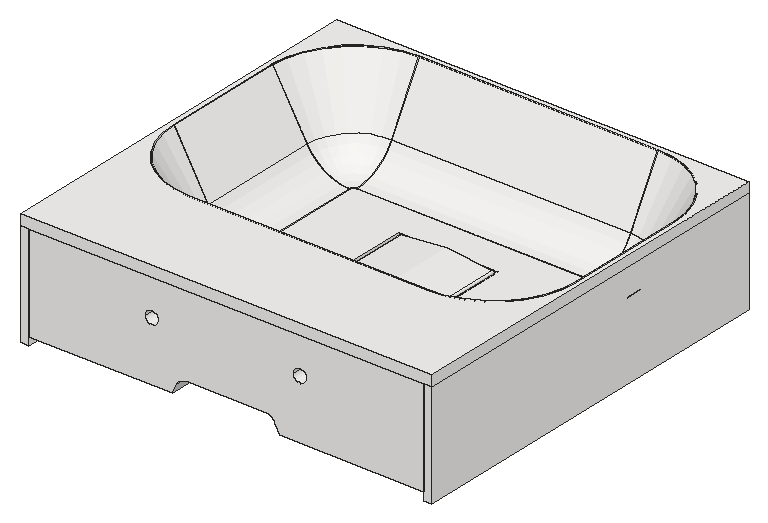
Revit family "Washbasins-hansgrohe-61091XXX-Xevolos E Countertop handrinse basin ground 500_480 without tap hole and overflow, SmartClean", category Plumbing Fixtures, Revit 2019
Family settings
  Round Connector Dimension = Use Diameter
  Part Type = Valve - Breaks Into
  OmniClass Number = 23.31.13.00
  Work Plane-Based = No
  Always vertical = Yes
  Cut with Voids When Loaded = No
  Shared = Yes
  Room Calculation Point = No
Parameters (values of type "61091-61091450-GLOSSY_WHITE-400")
  X2 = 0
  X1 = 180
  WEIGHT = "13.5"
  UNSPSC = "301815 | Sanitary ware"
  UNIFORMATII = "D2010 | Plumbing Fixtures"
  UNICLASS_2015_CODE = "40_20_96"
  UNICLASS2015 = "Pr_40_20_96 | Wash basins, sinks and troughs"
  TYP = 1
  TAP = 0
  SURFACE = "GLOSSY_WHITE"
  SPECIFICATION = "Surfaces:  - 61091450 White   Specification:  • consists of: countertop handrinse basin ground, waste set, cover  • material: ceramic  • SmartClean: dirt-repellent glaze • degree of gloss: glossy  • sanded basin underside • ceramic cover included • without tap hole • without overflow • without shelf • non-closing waste set • 500 x 480 mm • type of installation: built on and wall mounted  • suitable for cabinet"
  REGION = "Worldwide"
  PRODUCTURL = "https://pro.hansgrohe.com/articledetail--61091450"
  PRODUCTGROUP = "Washbasins"
  PRODUCTFAMILY = "Xevolos E"
  PERMALINK = "61091XXX"
  OMNICLASS = "23-31 13 00 | Sinks"
  OBJECTTYPE = "Object (single object)"
  NN = "Xevolos Washbasin"
  NBSYN = "$BASENUMBER.-$ARTNR.-$SURFACE.-$LODLEVEL."
  NB = "61091-61091450-GLOSSY_WHITE-400"
  NAME = "Xevolos E Countertop handrinse basin ground 500/480 without tap hole and overflow, SmartClean"
  Model = "61091-61091450-GLOSSY_WHITE-400"
  Manufacturer = "Hansgrohe"
  MIdent = "{$CADENAS_DATA/23d-libs/hansgrohe/xevolos_washbasin/xevolos_washbasin.prj},222 {VTYP=3D},{NB=61091-61091450-GLOSSY_WHITE-400},{LINA=61091-61091450-GLOSSY_WHITE-400},{NN=Xevolos Washbasin},{DATE=13.03.2023 11:34:45},{GEOMDATE=13.03.2023 11:34:00},{VERSION=},{LINEID=900},{WBVAR=LODLEVEL},{WBNUMERIC=}  {NB=61091-61091450-GLOSSY_WHITE-400},{LINA=61091-61091450-GLOSSY_WHITE-400},{KT=DUMMY},{IDNR=4},{ARTNR=61091450},{BASENUMBER=61091},{MODEL=61091XXX},{SURFACE=GLOSSY_WHITE},{LODLEVEL=400},{LODLEVELX='400','400','200','200'},{L=500.000},{LI=320.000},{X1=180.000},{X2=0.000},{DO=46.000},{DOT=35.000},{TAP=0},{TYP=1},{NAME=Xevolos E Countertop handrinse basin ground 500/480 without tap hole and overflow, SmartClean},{PERMALINK=61091XXX},{OBJECTTYPE=Object (single object)},{BIMOBJECT=Sanitary: Wash Basins},{PRODUCTFAMILY=Xevolos E},{PRODUCTGROUP=Washbasins},{WEIGHT=13.5},{DESCRIPTION=Xevolos E Countertop handrinse basin ground 500/480 without tap hole and overflow, SmartClean},{SPECIFICATION=Surfaces:  - 61091450 White   Specification:  • consists of: countertop handrinse basin ground, waste set, cover  • material: ceramic  • SmartClean: dirt-repellent glaze • degree of gloss: glossy  • sanded basin underside • ceramic cover included • without tap hole • without overflow • without shelf • non-closing waste set • 500 x 480 mm • type of installation: built on and wall mounted  • suitable for cabinet},{PRODUCTURL=https://pro.hansgrohe.com/articledetail--61091450},{GTINCODE=4059625420881},{IFC=Sanitary Terminal},{ETIM=EC011550 | Washbasin},{UNICLASS2015=Pr_40_20_96 | Wash basins, sinks and troughs},{OMNICLASS=23-31 13 00 | Sinks},{MASTERFORMAT=22 41 16.13 | Residential Lavatories},{UNSPSC=301815 | Sanitary ware},{UNIFORMATII=D2010 | Plumbing Fixtures},{REGION=Worldwide},{DESIGN=Germany},{MANUFACTURER=Germany}"
  MASTERFORMAT = "22 41 16.13 | Residential Lavatories"
  LODLEVEL = "400"
  LINA = "61091-61091450-GLOSSY_WHITE-400"
  LI = 320
  L = 500
  IFC = "Sanitary Terminal"
  GTINCODE = "4059625420881"
  ETIM = "EC011550 | Washbasin"
  DOT = 35
  DO = 46
  DESIGN = "Germany"
  CNSPipeRound/cp_Ausgang_1_V = no
  CATALOG = "Hansgrohe"
  BIMOBJECT = "Sanitary: Wash Basins"
  BASENUMBER = "61091"
  ARTNR = "61091450"
  61091-61091450-GLOSSY_WHITE-400_RX0RY0RZ0TX0TY0TZ0_V = yes
  61091-61091450-GLOSSY_WHITE-200_RX0RY0RZ0TX0TY0TZ0_V = no
Types (3, lengths in mm): name | NB | Model | MIdent | LODLEVEL | LINA | 61091-61091450-GLOSSY_WHITE-400_RX0RY0RZ0TX0TY0TZ0_V | 61091-61091450-GLOSSY_WHITE-200_RX0RY0RZ0TX0TY0TZ0_V
  (no name) | "61091-61091450-GLOSSY_WHITE-400" | "61091-61091450-GLOSSY_WHITE-400" | "{$CADENAS_DATA/23d-libs/hansgrohe/xevolos_washbasin/xevolos_washbasin.prj},222 {VTYP=3D},{NB=61091-61091450-GLOSSY_WHITE-400},{LINA=61091-61091450-GLOSSY_WHITE-400},{NN=Xevolos Washbasin},{DATE=13.03.2023 11:34:45},{GEOMDATE=13.03.2023 11:34:00},{VERSION=},{LINEID=900},{WBVAR=LODLEVEL},{WBNUMERIC=}  {NB=61091-61091450-GLOSSY_WHITE-400},{LINA=61091-61091450-GLOSSY_WHITE-400},{KT=DUMMY},{IDNR=4},{ARTNR=61091450},{BASENUMBER=61091},{MODEL=61091XXX},{SURFACE=GLOSSY_WHITE},{LODLEVEL=400},{LODLEVELX='400','400','200','200'},{L=500.000},{LI=320.000},{X1=180.000},{X2=0.000},{DO=46.000},{DOT=35.000},{TAP=0},{TYP=1},{NAME=Xevolos E Countertop handrinse basin ground 500/480 without tap hole and overflow, SmartClean},{PERMALINK=61091XXX},{OBJECTTYPE=Object (single object)},{BIMOBJECT=Sanitary: Wash Basins},{PRODUCTFAMILY=Xevolos E},{PRODUCTGROUP=Washbasins},{WEIGHT=13.5},{DESCRIPTION=Xevolos E Countertop handrinse basin ground 500/480 without tap hole and overflow, SmartClean},{SPECIFICATION=Surfaces:  - 61091450 White   Specification:  • consists of: countertop handrinse basin ground, waste set, cover  • material: ceramic  • SmartClean: dirt-repellent glaze • degree of gloss: glossy  • sanded basin underside • ceramic cover included • without tap hole • without overflow • without shelf • non-closing waste set • 500 x 480 mm • type of installation: built on and wall mounted  • suitable for cabinet},{PRODUCTURL=https://pro.hansgrohe.com/articledetail--61091450},{GTINCODE=4059625420881},{IFC=Sanitary Terminal},{ETIM=EC011550 | Washbasin},{UNICLASS2015=Pr_40_20_96 | Wash basins, sinks and troughs},{OMNICLASS=23-31 13 00 | Sinks},{MASTERFORMAT=22 41 16.13 | Residential Lavatories},{UNSPSC=301815 | Sanitary ware},{UNIFORMATII=D2010 | Plumbing Fixtures},{REGION=Worldwide},{DESIGN=Germany},{MANUFACTURER=Germany}" | "400" | "61091-61091450-GLOSSY_WHITE-400" | yes | yes
  61091-61091450-GLOSSY_WHITE-200 | "61091-61091450-GLOSSY_WHITE-200" | "61091-61091450-GLOSSY_WHITE-200" | "{$CADENAS_DATA/23d-libs/hansgrohe/xevolos_washbasin/xevolos_washbasin.prj},222 {VTYP=3D},{NB=61091-61091450-GLOSSY_WHITE-200},{LINA=61091-61091450-GLOSSY_WHITE-200},{NN=Xevolos Washbasin},{DATE=13.03.2023 11:34:45},{GEOMDATE=13.03.2023 11:34:00},{VERSION=},{LINEID=900},{WBVAR=LODLEVEL},{WBNUMERIC=}  {NB=61091-61091450-GLOSSY_WHITE-200},{LINA=61091-61091450-GLOSSY_WHITE-200},{KT=DUMMY},{IDNR=4},{ARTNR=61091450},{BASENUMBER=61091},{MODEL=61091XXX},{SURFACE=GLOSSY_WHITE},{LODLEVEL=200},{LODLEVELX='400','400','200','200'},{L=500.000},{LI=320.000},{X1=180.000},{X2=0.000},{DO=46.000},{DOT=35.000},{TAP=0},{TYP=1},{NAME=Xevolos E Countertop handrinse basin ground 500/480 without tap hole and overflow, SmartClean},{PERMALINK=61091XXX},{OBJECTTYPE=Object (single object)},{BIMOBJECT=Sanitary: Wash Basins},{PRODUCTFAMILY=Xevolos E},{PRODUCTGROUP=Washbasins},{WEIGHT=13.5},{DESCRIPTION=Xevolos E Countertop handrinse basin ground 500/480 without tap hole and overflow, SmartClean},{SPECIFICATION=Surfaces:  - 61091450 White   Specification:  • consists of: countertop handrinse basin ground, waste set, cover  • material: ceramic  • SmartClean: dirt-repellent glaze • degree of gloss: glossy  • sanded basin underside • ceramic cover included • without tap hole • without overflow • without shelf • non-closing waste set • 500 x 480 mm • type of installation: built on and wall mounted  • suitable for cabinet},{PRODUCTURL=https://pro.hansgrohe.com/articledetail--61091450},{GTINCODE=4059625420881},{IFC=Sanitary Terminal},{ETIM=EC011550 | Washbasin},{UNICLASS2015=Pr_40_20_96 | Wash basins, sinks and troughs},{OMNICLASS=23-31 13 00 | Sinks},{MASTERFORMAT=22 41 16.13 | Residential Lavatories},{UNSPSC=301815 | Sanitary ware},{UNIFORMATII=D2010 | Plumbing Fixtures},{REGION=Worldwide},{DESIGN=Germany},{MANUFACTURER=Germany}" | "200" | "61091-61091450-GLOSSY_WHITE-200" | no | yes
  61091-61091450-GLOSSY_WHITE-400 | "61091-61091450-GLOSSY_WHITE-400" | "61091-61091450-GLOSSY_WHITE-400" | "{$CADENAS_DATA/23d-libs/hansgrohe/xevolos_washbasin/xevolos_washbasin.prj},222 {VTYP=3D},{NB=61091-61091450-GLOSSY_WHITE-400},{LINA=61091-61091450-GLOSSY_WHITE-400},{NN=Xevolos Washbasin},{DATE=13.03.2023 11:34:45},{GEOMDATE=13.03.2023 11:34:00},{VERSION=},{LINEID=900},{WBVAR=LODLEVEL},{WBNUMERIC=}  {NB=61091-61091450-GLOSSY_WHITE-400},{LINA=61091-61091450-GLOSSY_WHITE-400},{KT=DUMMY},{IDNR=4},{ARTNR=61091450},{BASENUMBER=61091},{MODEL=61091XXX},{SURFACE=GLOSSY_WHITE},{LODLEVEL=400},{LODLEVELX='400','400','200','200'},{L=500.000},{LI=320.000},{X1=180.000},{X2=0.000},{DO=46.000},{DOT=35.000},{TAP=0},{TYP=1},{NAME=Xevolos E Countertop handrinse basin ground 500/480 without tap hole and overflow, SmartClean},{PERMALINK=61091XXX},{OBJECTTYPE=Object (single object)},{BIMOBJECT=Sanitary: Wash Basins},{PRODUCTFAMILY=Xevolos E},{PRODUCTGROUP=Washbasins},{WEIGHT=13.5},{DESCRIPTION=Xevolos E Countertop handrinse basin ground 500/480 without tap hole and overflow, SmartClean},{SPECIFICATION=Surfaces:  - 61091450 White   Specification:  • consists of: countertop handrinse basin ground, waste set, cover  • material: ceramic  • SmartClean: dirt-repellent glaze • degree of gloss: glossy  • sanded basin underside • ceramic cover included • without tap hole • without overflow • without shelf • non-closing waste set • 500 x 480 mm • type of installation: built on and wall mounted  • suitable for cabinet},{PRODUCTURL=https://pro.hansgrohe.com/articledetail--61091450},{GTINCODE=4059625420881},{IFC=Sanitary Terminal},{ETIM=EC011550 | Washbasin},{UNICLASS2015=Pr_40_20_96 | Wash basins, sinks and troughs},{OMNICLASS=23-31 13 00 | Sinks},{MASTERFORMAT=22 41 16.13 | Residential Lavatories},{UNSPSC=301815 | Sanitary ware},{UNIFORMATII=D2010 | Plumbing Fixtures},{REGION=Worldwide},{DESIGN=Germany},{MANUFACTURER=Germany}" | "400" | "61091-61091450-GLOSSY_WHITE-400" | yes | no
Reference planes
  plane 1 "Center (Front/Back)": y = 0
  plane 2: z = 0
  plane 3 "Center (Left/Right)": x = 0
Dimensions and locks
  aligned and locked: level to plane 2
Nested families
  nested 1: "61091-61091450-glossy_white-200_content" at (0, 0, 0), visible <- "61091-61091450-GLOSSY_WHITE-200_RX0RY0RZ0TX0TY0TZ0_V", ContentVisible <- "61091-61091450-GLOSSY_WHITE-200_RX0RY0RZ0TX0TY0TZ0_V", type "61091-61091450-GLOSSY_WHITE-200_Content"
    with ContentVisible no
  nested 2: "61091-61091450-glossy_white-400_content" at (0, 0, 0), visible <- "61091-61091450-GLOSSY_WHITE-400_RX0RY0RZ0TX0TY0TZ0_V", ContentVisible <- "61091-61091450-GLOSSY_WHITE-400_RX0RY0RZ0TX0TY0TZ0_V", type "61091-61091450-GLOSSY_WHITE-400_Content"
    with ContentVisible yes
  nested 3: "ConnectorHost2019" at (0, 0, 0), visible <- "CNSPipeRound/cp_Ausgang_1_V", type "ConnectorHost2019"
    with Visible no, TransZ 0 mm, TransY 0 mm, TransX 0 mm, ScaleZ 1 mm, ScaleY 1 mm, ScaleX 1 mm, RotZ 180.00°, RotY 360.00°, RotX 180.00°
Connectors
  piping at (0, 0, 0), diameter 46
    settings: on nested 3, index 1, connector inside diameter 609.6 mm, connector length 0 mm, flow factor 0, pipe flow 0.0 L/s, pressure drop 0.0 Pa, fitting loss kfactor 0, connector angle 0.00°, fixture units 0, engagement length 0 mm, angle of deflection 0.00°, flow configuration 0, flow direction 2, fitting loss method 0, system type 29, joint type 0, gender type 0, connector reference index -1, connector utility 0, adjustable connector no, is connector primary yes, connector description ""
Definition of nested family "61091-61091450-glossy_white-400_content"
  Parameters (values of type "61091-61091450-GLOSSY_WHITE-400_Content")
    X2 = 0
    X1 = 180
    WEIGHT = "13.5"
    UNSPSC = "301815 | Sanitary ware"
    UNIFORMATII = "D2010 | Plumbing Fixtures"
    UNICLASS_2015_CODE = "40_20_96"
    UNICLASS2015 = "Pr_40_20_96 | Wash basins, sinks and troughs"
    TYP = 1
    TAP = 0
    SURFACE = "GLOSSY_WHITE"
    SPECIFICATION = "Surfaces:  - 61091450 White   Specification:  • consists of: countertop handrinse basin ground, waste set, cover  • material: ceramic  • SmartClean: dirt-repellent glaze • degree of gloss: glossy  • sanded basin underside • ceramic cover included • without tap hole • without overflow • without shelf • non-closing waste set • 500 x 480 mm • type of installation: built on and wall mounted  • suitable for cabinet"
    REGION = "Worldwide"
    PRODUCTURL = "https://pro.hansgrohe.com/articledetail--61091450"
    PRODUCTGROUP = "Washbasins"
    PRODUCTFAMILY = "Xevolos E"
    PERMALINK = "61091XXX"
    OMNICLASS = "23-31 13 00 | Sinks"
    OBJECTTYPE = "Object (single object)"
    NN = "Xevolos Washbasin"
    NBSYN = "$BASENUMBER.-$ARTNR.-$SURFACE.-$LODLEVEL."
    NB = "61091-61091450-GLOSSY_WHITE-400"
    NAME = "Xevolos E Countertop handrinse basin ground 500/480 without tap hole and overflow, SmartClean"
    Model = "61091-61091450-GLOSSY_WHITE-400"
    Manufacturer = "Hansgrohe"
    MASTERFORMAT = "22 41 16.13 | Residential Lavatories"
    LODLEVEL = "400"
    LINA = "61091-61091450-GLOSSY_WHITE-400"
    LI = 320
    L = 500
    IFC = "Sanitary Terminal"
    GTINCODE = "4059625420881"
    ETIM = "EC011550 | Washbasin"
    Default Elevation = 1219.2 mm
    DOT = 35
    DO = 46
    DESIGN = "Germany"
    ContentVisible [instance] = yes
    CATALOG = "Hansgrohe"
    BIMOBJECT = "Sanitary: Wash Basins"
    BASENUMBER = "61091"
    ARTNR = "61091450"
  Reference planes
    plane 1 "Center (Front/Back)": y = 0
    plane 2: z = 0
    plane 3 "Center (Left/Right)": x = 0
  Forms (mm)
    Extrusion 1, solid, visible <- "ContentVisible", detail levels medium+fine
      sketch origin (0, -295, 7) x (0, 0, -1) y (0, -1, 0)
        loop
          line (-140, -474) -> (-121, -474) -> (-62.906, -440.46)
          arc (-62.906, -440.46) -> (-37.353, -414.906) -> (-28, -380) r 69.813
          line (-28, -380) -> (-37.5, -380)
          arc (-37.5, -380) -> (-45.58, -410.156) -> (-67.656, -432.232) r 60.313
          line (-67.656, -432.232) -> (-140, -474)
      from -145 to 145
    Revolve 2, solid, visible <- "ContentVisible", detail levels medium+fine
      sketch origin (-145, -295, 7) x (0, 0, -1) y (0, -1, 0)
        loop
          line (-140, -474) -> (-121, -474) -> (-62.906, -440.46)
          arc (-62.906, -440.46) -> (-37.353, -414.906) -> (-28, -380) r 69.813
          line (-28, -380) -> (-37.5, -380)
          arc (-37.5, -380) -> (-45.58, -410.156) -> (-67.656, -432.232) r 60.313
          line (-67.656, -432.232) -> (-140, -474)
        axis (-140, -375) -> (-28, -375)
      angle from -90 to 0
    Extrusion 3, solid, visible <- "ContentVisible", detail levels medium+fine
      sketch origin (0, -70, 7) x (-1, 0, 0) y (0, 0, -1)
        loop
          line (150, -28) -> (150, -37.5)
          arc (150, -37.5) -> (180.156, -45.58) -> (202.232, -67.656) r 60.313
          line (202.232, -67.656) -> (244, -140) -> (244, -121) -> (210.46, -62.906)
          arc (210.46, -62.906) -> (184.906, -37.353) -> (150, -28) r 69.813
      from -150 to 0
    Revolve 4, solid, visible <- "ContentVisible", detail levels medium+fine
      sketch origin (-145, -295, 7) x (0, 0, -1) y (0, -1, 0)
        loop
          line (-140, -126) -> (-67.656, -167.768)
          arc (-67.656, -167.768) -> (-45.58, -189.844) -> (-37.5, -220) r 60.313
          line (-37.5, -220) -> (-28, -220)
          arc (-28, -220) -> (-37.353, -185.094) -> (-62.906, -159.54) r 69.813
          line (-62.906, -159.54) -> (-121, -126) -> (-140, -126)
        axis (-28, -225) -> (-140, -225)
      angle from -90 to 0
    Extrusion 5, solid, visible <- "ContentVisible", detail levels medium+fine
      sketch origin (0, -295, 7) x (0, 0, -1) y (0, -1, 0)
        loop
          line (-140, -126) -> (-67.656, -167.768)
          arc (-67.656, -167.768) -> (-45.58, -189.844) -> (-37.5, -220) r 60.313
          line (-37.5, -220) -> (-28, -220)
          arc (-28, -220) -> (-37.353, -185.094) -> (-62.906, -159.54) r 69.813
          line (-62.906, -159.54) -> (-121, -126) -> (-140, -126)
      from -145 to 145
    Revolve 6, solid, visible <- "ContentVisible", detail levels medium+fine
      sketch origin (145, -295, 7) x (0, 0, -1) y (0, -1, 0)
        loop
          line (-140, -126) -> (-67.656, -167.768)
          arc (-67.656, -167.768) -> (-45.58, -189.844) -> (-37.5, -220) r 60.313
          line (-37.5, -220) -> (-28, -220)
          arc (-28, -220) -> (-37.353, -185.094) -> (-62.906, -159.54) r 69.813
          line (-62.906, -159.54) -> (-121, -126) -> (-140, -126)
        axis (-28, -225) -> (-140, -225)
      angle from 0 to 90
    Extrusion 7, solid, visible <- "ContentVisible", detail levels medium+fine
      sketch origin (0, -70, 7) x (-1, 0, 0) y (0, 0, -1)
        loop
          line (-244, -121) -> (-244, -140) -> (-202.232, -67.656)
          arc (-202.232, -67.656) -> (-180.156, -45.58) -> (-150, -37.5) r 60.313
          line (-150, -37.5) -> (-150, -28)
          arc (-150, -28) -> (-184.906, -37.353) -> (-210.46, -62.906) r 69.813
          line (-210.46, -62.906) -> (-244, -121)
      from -150 to 0
    Revolve 8, solid, visible <- "ContentVisible", detail levels medium+fine
      sketch origin (145, -295, 7) x (0, 0, -1) y (0, -1, 0)
        loop
          line (-140, -474) -> (-121, -474) -> (-62.906, -440.46)
          arc (-62.906, -440.46) -> (-37.353, -414.906) -> (-28, -380) r 69.813
          line (-28, -380) -> (-37.5, -380)
          arc (-37.5, -380) -> (-45.58, -410.156) -> (-67.656, -432.232) r 60.313
          line (-67.656, -432.232) -> (-140, -474)
        axis (-140, -375) -> (-28, -375)
      angle from 0 to 90
    Extrusion 9, solid, visible <- "ContentVisible", detail levels medium+fine
      sketch origin (0, -295, 35) x (-1, 0, 0) y (0, -1, 0)
        loop
          line (-150, -225) -> (-150, -375)
          arc (-150, -375) -> (-148.536, -378.536) -> (-145, -380) r 5
          line (-145, -380) -> (145, -380)
          arc (145, -380) -> (148.536, -378.536) -> (150, -375) r 5
          line (150, -375) -> (150, -225)
          arc (150, -225) -> (148.536, -221.464) -> (145, -220) r 5
          line (145, -220) -> (-145, -220)
          arc (-145, -220) -> (-148.536, -221.464) -> (-150, -225) r 5
        loop
          line (-60, -252.5) -> (-60, -337.5) -> (60, -337.5) -> (60, -252.5) -> (-60, -252.5)
      from 0 to 9.5
    Extrusion 10, solid, visible <- "ContentVisible", detail levels medium+fine
      sketch origin (0, -295, 147) x (-1, 0, 0) y (0, -1, 0)
        loop
          line (-250, -480) -> (250, -480) -> (250, 0) -> (-250, 0) -> (-250, -480)
        loop
          line (-244, -226) -> (-244, -374)
          arc (-244, -374) -> (-214.711, -444.711) -> (-144, -474) r 100
          line (-144, -474) -> (144, -474)
          arc (144, -474) -> (214.711, -444.711) -> (244, -374) r 100
          line (244, -374) -> (244, -226)
          arc (244, -226) -> (214.711, -155.289) -> (144, -126) r 100
          line (144, -126) -> (-144, -126)
          arc (-144, -126) -> (-214.711, -155.289) -> (-244, -226) r 100
      from -13 to 0
    Extrusion 11, solid, visible <- "ContentVisible", detail levels medium+fine
      sketch origin (0, -295, 134) x (-1, 0, 0) y (0, -1, 0)
        loop
          line (-250, -480) -> (250, -480) -> (250, 0) -> (240, 0) -> (240, -470) -> (-240, -470) -> (-240, 0) -> (-250, 0) -> (-250, -480)
      from -127 to 0
    Extrusion 12, solid, visible <- "ContentVisible", detail levels medium+fine
      sketch origin (0, -295, 17) x (-1, 0, 0) y (0, -1, 0)
        loop
          line (-240, -35) -> (-240, -470) -> (240, -470) -> (240, -35) -> (200, -35) -> (200, -380)
          arc (200, -380) -> (185.355, -415.355) -> (150, -430) r 50
          line (150, -430) -> (-150, -430)
          arc (-150, -430) -> (-185.355, -415.355) -> (-200, -380) r 50
          line (-200, -380) -> (-200, -35) -> (-240, -35)
      from 0 to 50
    Extrusion 13, solid, visible <- "ContentVisible", detail levels medium+fine
      sketch origin (0, -295, 7) x (-1, 0, 0) y (0, 0, -1)
        loop
          line (-240, -10) -> (-240, -127) -> (240, -127) -> (240, -10) -> (65, -10) -> (59.568, -21.649)
          arc (59.568, -21.649) -> (55.509, -26.277) -> (49.599, -28) r 11
          line (49.599, -28) -> (-49.599, -28)
          arc (-49.599, -28) -> (-55.509, -26.277) -> (-59.568, -21.649) r 11
          line (-59.568, -21.649) -> (-65, -10) -> (-240, -10)
      from -35 to 0
    Extrusion 14, solid, visible <- "ContentVisible", detail levels medium+fine
      sketch origin (-160, -295, 7) x (0, 0, -1) y (0, -1, 0)
        loop
          line (-127, -35) -> (-127, -127.732) -> (-65.156, -163.437)
          arc (-65.156, -163.437) -> (-41.25, -187.344) -> (-32.5, -220) r 65.313
          line (-32.5, -220) -> (-32.5, -380)
          arc (-32.5, -380) -> (-39.303, -409.023) -> (-58.294, -432) r 65.313
          line (-58.294, -432) -> (-30.544, -432) -> (-10, -40) -> (-10, -35) -> (-127, -35)
      from 0 to 50
    Extrusion 15, solid, visible <- "ContentVisible", detail levels medium+fine
      sketch origin (160, -295, 7) x (0, 0, -1) y (0, -1, 0)
        loop
          line (-127, -35) -> (-127, -127.732) -> (-65.156, -163.437)
          arc (-65.156, -163.437) -> (-41.25, -187.344) -> (-32.5, -220) r 65.313
          line (-32.5, -220) -> (-32.5, -380)
          arc (-32.5, -380) -> (-39.303, -409.023) -> (-58.294, -432) r 65.313
          line (-58.294, -432) -> (-30.544, -432) -> (-10, -40) -> (-10, -35) -> (-127, -35)
      from -50 to 0
    Extrusion 16, solid, visible <- "ContentVisible", detail levels medium+fine
      sketch origin (0, -295, 17) x (-1, 0, 0) y (0, -1, 0)
        loop
          line (-72, -261.5) -> (-72, -328.5)
          arc (-72, -328.5) -> (-65.703, -343.703) -> (-50.5, -350) r 21.5
          line (-50.5, -350) -> (50.5, -350)
          arc (50.5, -350) -> (65.703, -343.703) -> (72, -328.5) r 21.5
          line (72, -328.5) -> (72, -261.5)
          arc (72, -261.5) -> (65.703, -246.297) -> (50.5, -240) r 21.5
          line (50.5, -240) -> (-50.5, -240)
          arc (-50.5, -240) -> (-65.703, -246.297) -> (-72, -261.5) r 21.5
      from 0 to 18
    Revolve 17, solid, visible <- "ContentVisible", detail levels medium+fine
      sketch origin (0, 0, 7) x (-1, 0, 0) y (0, 0, -1)
        loop
          line (23, -4.5) -> (42.5, -27.441) -> (42.5, -10) -> (34, 0) -> (34, 7) -> (23, 7) -> (23, -4.5)
        axis (0, -27.441) -> (0, 7)
      angle from -360 to 0
    Extrusion 18, solid, visible <- "ContentVisible", detail levels medium+fine
      sketch origin (0, -295, -3) x (-1, 0, 0) y (0, -1, 0)
        loop
          circle (0, -295) r 7.5
      from 0 to 41
    Extrusion 19, solid, visible <- "ContentVisible", detail levels medium+fine
      sketch origin (0, -295, 38) x (-1, 0, 0) y (0, -1, 0)
        loop
          circle (0, -295) r 32.5
      from 0 to 2
    Extrusion 20, solid, visible <- "ContentVisible", detail levels medium+fine
      sketch origin (0, 0, 7) x (-1, 0, 0) y (0, 0, -1)
        loop
          arc (-54.85, -33) -> (-57.5, -35.65) -> (-54.85, -38.3) r 2.65
          arc (-54.85, -38.3) -> (0, -43.036) -> (54.85, -38.3) r 320
          arc (54.85, -38.3) -> (57.5, -35.65) -> (54.85, -33) r 2.65
          line (54.85, -33) -> (-54.85, -33)
      from -40 to 40
    Extrusion 21, void, detail levels medium+fine
      sketch origin (0, -295, 7) x (-1, 0, 0) y (0, 0, -1)
        loop
          circle (90, -83) r 8
      from -30 to 30
    Extrusion 22, void, detail levels medium+fine
      sketch origin (0, -295, 7) x (-1, 0, 0) y (0, 0, -1)
        loop
          circle (-90, -83) r 8
      from -30 to 30
    Extrusion 23, solid, visible <- "ContentVisible", detail levels coarse
      sketch origin (0, -55, -3) x (1, 0, 0) y (0, 1, 0)
        loop
          line (-250, -240) -> (250, -240) -> (250, 240) -> (-250, 240) -> (-250, -240)
      from 0 to 150
  Cuts and joins
    Extrusion 21, Extrusion 22 cuts Extrusion 1
    Extrusion 21, Extrusion 22 cuts Revolve 2
    Extrusion 21, Extrusion 22 cuts Extrusion 3
    Extrusion 21, Extrusion 22 cuts Revolve 4
    Extrusion 21, Extrusion 22 cuts Extrusion 5
    Extrusion 21, Extrusion 22 cuts Revolve 6
    Extrusion 21, Extrusion 22 cuts Extrusion 7
    Extrusion 21, Extrusion 22 cuts Revolve 8
    Extrusion 21, Extrusion 22 cuts Extrusion 9
    Extrusion 21, Extrusion 22 cuts Extrusion 10
    Extrusion 21, Extrusion 22 cuts Extrusion 11
    Extrusion 21, Extrusion 22 cuts Extrusion 12
    Extrusion 21, Extrusion 22 cuts Extrusion 13
    Extrusion 21, Extrusion 22 cuts Extrusion 14
    Extrusion 21, Extrusion 22 cuts Extrusion 15
    Extrusion 21, Extrusion 22 cuts Extrusion 16
    Extrusion 21, Extrusion 22 cuts Revolve 17
    Extrusion 21, Extrusion 22 cuts Extrusion 18
    Extrusion 21, Extrusion 22 cuts Extrusion 19
    Extrusion 21, Extrusion 22 cuts Extrusion 20
  Dimensions and locks
    aligned and locked: level to plane 2
Definition of nested family "61091-61091450-glossy_white-200_content"
  Parameters (values of type "61091-61091450-GLOSSY_WHITE-200_Content")
    X2 = 0
    X1 = 180
    WEIGHT = "13.5"
    UNSPSC = "301815 | Sanitary ware"
    UNIFORMATII = "D2010 | Plumbing Fixtures"
    UNICLASS_2015_CODE = "40_20_96"
    UNICLASS2015 = "Pr_40_20_96 | Wash basins, sinks and troughs"
    TYP = 1
    TAP = 0
    SURFACE = "GLOSSY_WHITE"
    SPECIFICATION = "Surfaces:  - 61091450 White   Specification:  • consists of: countertop handrinse basin ground, waste set, cover  • material: ceramic  • SmartClean: dirt-repellent glaze • degree of gloss: glossy  • sanded basin underside • ceramic cover included • without tap hole • without overflow • without shelf • non-closing waste set • 500 x 480 mm • type of installation: built on and wall mounted  • suitable for cabinet"
    REGION = "Worldwide"
    PRODUCTURL = "https://pro.hansgrohe.com/articledetail--61091450"
    PRODUCTGROUP = "Washbasins"
    PRODUCTFAMILY = "Xevolos E"
    PERMALINK = "61091XXX"
    OMNICLASS = "23-31 13 00 | Sinks"
    OBJECTTYPE = "Object (single object)"
    NN = "Xevolos Washbasin"
    NBSYN = "$BASENUMBER.-$ARTNR.-$SURFACE.-$LODLEVEL."
    NB = "61091-61091450-GLOSSY_WHITE-200"
    NAME = "Xevolos E Countertop handrinse basin ground 500/480 without tap hole and overflow, SmartClean"
    Model = "61091-61091450-GLOSSY_WHITE-200"
    Manufacturer = "Hansgrohe"
    MASTERFORMAT = "22 41 16.13 | Residential Lavatories"
    LODLEVEL = "200"
    LINA = "61091-61091450-GLOSSY_WHITE-200"
    LI = 320
    L = 500
    IFC = "Sanitary Terminal"
    GTINCODE = "4059625420881"
    ETIM = "EC011550 | Washbasin"
    Default Elevation = 1219.2 mm
    DOT = 35
    DO = 46
    DESIGN = "Germany"
    ContentVisible [instance] = yes
    CATALOG = "Hansgrohe"
    BIMOBJECT = "Sanitary: Wash Basins"
    BASENUMBER = "61091"
    ARTNR = "61091450"
  Reference planes
    plane 1 "Center (Front/Back)": y = 0
    plane 2: z = 0
    plane 3 "Center (Left/Right)": x = 0
  Forms (mm)
    Extrusion 1, solid, visible <- "ContentVisible", detail levels medium+fine
      sketch origin (0, -295, 147) x (-1, 0, 0) y (0, -1, 0)
        loop
          line (-250, -480) -> (250, -480) -> (250, 0) -> (-250, 0) -> (-250, -480)
      from -140 to 0
    Extrusion 2, void, detail levels medium+fine
      sketch origin (0, -295, 147) x (-1, 0, 0) y (0, -1, 0)
        loop
          line (-244, -126) -> (-244, -474) -> (244, -474) -> (244, -126) -> (-244, -126)
      from -102.5 to 0
    Extrusion 3, solid, visible <- "ContentVisible", detail levels medium+fine
      sketch origin (0, -295, 7) x (-1, 0, 0) y (0, -1, 0)
        loop
          circle (0, -295) r 34
      from -10 to 0
    Extrusion 4, solid, visible <- "ContentVisible", detail levels coarse
      sketch origin (0, -55, -3) x (1, 0, 0) y (0, 1, 0)
        loop
          line (-250, -240) -> (250, -240) -> (250, 240) -> (-250, 240) -> (-250, -240)
      from 0 to 150
  Cuts and joins
    Extrusion 2 cuts Extrusion 1
  Dimensions and locks
    aligned and locked: level to plane 2
